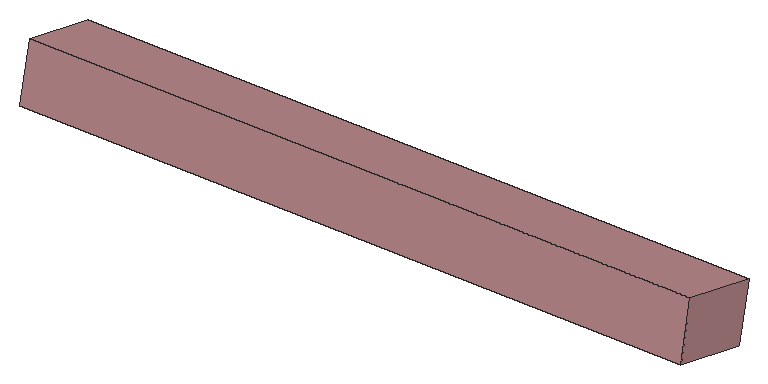
Revit family "WAC_A3-Cill-Brick-Sloping-Soldier-(UK)", category Generic Models, host Wall, Revit 2016
Family settings
  Host = Wall
  Part Type = Undefined
  Can host rebar = No
  Round Connector Dimension = Use Diameter
  Always vertical = Yes
  Cut with Voids When Loaded = No
  Shared = No
  Room Calculation Point = No
Parameters (values of type "102mm Deep 45mm Radius")
  Opening Width [instance] = 1210.0 mm
  Material Cill = Masonry - Brickwork Cill
  Cill Height [instance] = 910.0 mm
  Cill/Lintol Length [instance] = Opening Width + 2 * (Cill Lintol Bearing)  # 1210.0 mm
  Cill Lintol Bearing = 0.0 mm
Reference planes
  plane 1 "Wall": y = -11.298
  plane 2 "Center (Left/Right)": x = 161.814
  plane 3 "Back": y = 138.702
  plane 4 "U/S Lintol": z = 910
  plane 5: x = 766.814
  plane 6: x = -443.186
  plane 7: x = 766.814
  plane 8: x = -443.186
  plane 9: y = 143.702
  plane 10: y = 41.202
Forms (mm)
  Extrusion 1, solid, material "Masonry - Brickwork Cill" <- "Material Cill"
    sketch origin (161.814, 0, 2.703) x (0, 1, 0) y (0, 0, 1)
      loop
        line (53.918, 907.297) -> (32.607, 807.037) -> (166.613, 778.553) -> (187.924, 878.813) -> (53.918, 907.297)
    from -605 to 605
  Extrusion 2, void
    sketch origin (161.814, 0, 0) x (0, -1, 0) y (0, 0, 1)
      loop
        line (-138.702, 787.189) -> (-41.202, 807.913) -> (-41.202, 910) -> (-138.702, 910) -> (-138.702, 787.189)
    from -605 to 605
Text (mm)
  text "Placement side" at (-1848.837, 1116.779, 0), in view "Ref. Level"
  text "Placement side" at (0, 1409.804, 2854.306), in view "Left"
  text "Placement side" at (0, 499.811, 2980.732), in view "Right"
Dimensions and locks
  locked: plane 3 "Back" to host wall
  equal spacing: plane 5, plane 2 "Center (Left/Right)", plane 6
  "Opening Width": plane 5 to plane 6
  "Cill Lintol Bearing": plane 7 to plane 5
  "Cill Lintol Bearing": plane 6 to plane 8
  "Cill Height": level to plane 4 "U/S Lintol"
  locked: plane 3 "Back" to plane 9 at 5
  locked: plane 10 to plane 9 at 102.5
  Extrusion 1 sketch curve to Extrusion 1 sketch curve = 137.0 mm
  Extrusion 1 sketch curve to Extrusion 1 sketch curve = 102.5 mm
  aligned and locked: plane 1 "Wall" to host wall
  aligned and locked: plane 3 "Back" to Extrusion 2 sketch curve
  aligned and locked: plane 10 to Extrusion 2 sketch curve
  aligned and locked: plane 4 "U/S Lintol" to Extrusion 2 sketch curve
  aligned and locked: plane 7 to Extrusion 2
  aligned and locked: Extrusion 2 to plane 8
  aligned and locked: plane 7 to Extrusion 1
  aligned and locked: Extrusion 1 to plane 8
  aligned and locked: Extrusion 2 sketch curve to Extrusion 1
Automatic sketch dimensions
  Extrusion 1 sketch curve to plane 10 = 8.595 mm
  Extrusion 1 sketch curve to plane 4 "U/S Lintol" = 0.0 mm
  plane 10 to Extrusion 1 sketch curve = 12.716 mm
